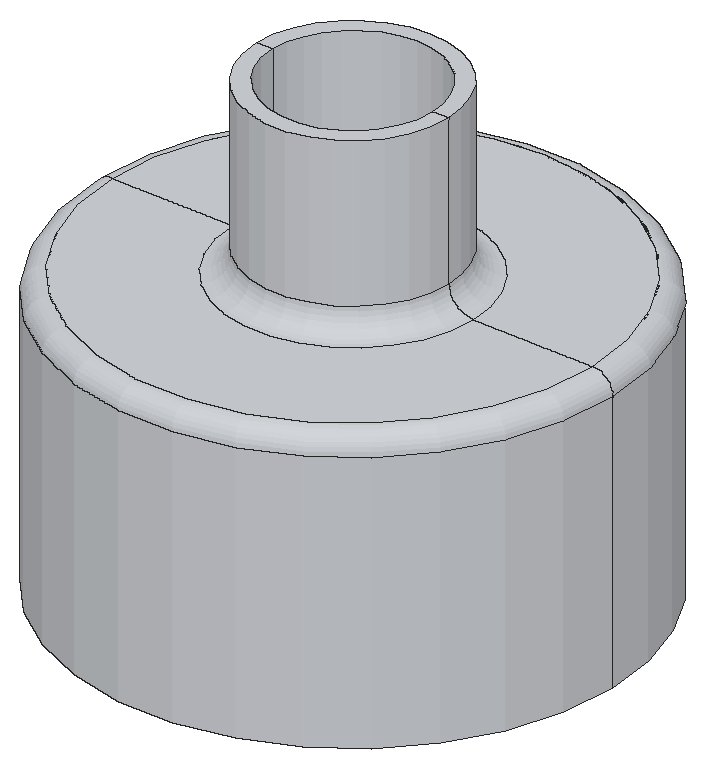
Revit family "TB11G", category Generic Models, Revit 2017
Family settings
  Can host rebar = No
  Round Connector Dimension = Use Diameter
  Part Type = Normal
  Work Plane-Based = Yes
  Always vertical = No
  Cut with Voids When Loaded = No
  Shared = No
  Room Calculation Point = No
Parameters (values of type "NBS Standard Parameters")
  Weight = "0.27Kg"
  WarrantyStartDate [instance] = "1900-12-31T23:59:59"
  WarrantyGuarantorParts = "n/a"
  WarrantyGuarantorLabor = "n/a"
  WarrantyDurationUnit = "1 year"
  WarrantyDurationParts = "n/a"
  WarrantyDurationLabor = "n/a"
  WarrantyDescription = "n/a"
  Version = "1"
  Uniclass2 = "Pr_65_70_11_20"
  TagNumber [instance] = "n/a"
  SustainabilityPerformance = "n/a"
  Size = "25mm"
  Shape = "Circular"
  SerialNumber [instance] = "n/a"
  Revision = "n/a"
  ReplacementCost = "n/a"
  ProductInformation = "www.metpro.co.uk/pdf/tb11g.pdf"
  NominalWidth = 66.5 mm
  NominalLength = 66.5 mm
  NominalHeight = 53.5 mm
  Name = ""
  NBSTypeID = ""
  NBSReference = "90-55-10/460"
  NBSOfficeMasterTag = ""
  NBSNote = ""
  NBSDescription = "Conduit Fittings"
  NBSCertification = ""
  ModelReference = "TB11G"
  ModelNumber = "n/a"
  Material = "Malleable Iron"
  ManufacturerURL = "www.metpro.co.uk"
  ManufacturerName = "Metpro Ltd"
  InstallationDate [instance] = "1900-12-31T23:59:59"
  IfcExportType = ""
  IfcExportAs = ""
  Grade = "n/a"
  Finish = "Galvanised"
  Features = "n/a"
  ExpectedLife = "n/a"
  DurationUnit = "year"
  Description = "TB11G - 25mm Back Outlet Malleable Conduit Box"
  Default Elevation = 1219.2 mm
  Constituents = "n/a"
  Color = "n/a"
  CodePerformance = "n/a"
  Category = "n/a"
  BarCode [instance] = "n/a"
  BIMObjectName = "Metpro_metprolibrary_conduitfittings_metalcomponent_malleablecircularbox"
  Author = "Metpro Ltd"
  AssetType = ""
  AssetIdentifier [instance] = "n/a"
  AccessibilityPerformance = "n/a"
Reference planes
  plane 1 "Center (Front/Back)": y = 0
  plane 2: z = 0
  plane 3 "Center (Left/Right)": x = 0
Forms (mm)
  Revolve 1, solid
    sketch origin (32.5, -19.504, 16.771) x (1, 0, 0) y (0, 0, -1)
      loop
        line (-32.5, 45.041) -> (-32.5, 12.5)
        arc (-32.5, 12.5) -> (-31.768, 10.732) -> (-30, 10) r 2.5
        line (-30, 10) -> (-15.03, 10)
        arc (-15.03, 10) -> (-12.909, 9.121) -> (-12.03, 7) r 3
        line (-12.03, 7) -> (-12.03, -11.5) -> (-10, -11.5) -> (-10, 10.411)
        arc (-10, 10.411) -> (-10.624, 11.917) -> (-12.131, 12.541) r 2.131
        line (-12.131, 12.541) -> (-27, 12.541)
        arc (-27, 12.541) -> (-29.121, 13.42) -> (-30, 15.541) r 3
        line (-30, 15.541) -> (-30, 45.041) -> (-32.5, 45.041)
      axis (0, -11.5) -> (0, 45.041)
    angle from 0 to 360
  Extrusion 2, solid
    sketch origin (32.5, -19.504, -28.271) x (-1, 0, 0) y (0, 1, 0)
      loop
        arc (-21.577, 13.805) -> (-16.02, 13.887) -> (-15.821, 19.441) r 4.033
        line (-15.821, 19.441) -> (-19.326, 22.946)
        arc (-19.326, 22.946) -> (-22.235, 20.14) -> (-24.74, 16.968) r 30
        line (-24.74, 16.968) -> (-21.577, 13.805)
      loop
        circle (-18.842, 16.769) r 1.752
      loop
        line (13.805, -21.577) -> (16.968, -24.74)
        arc (16.968, -24.74) -> (20.14, -22.235) -> (22.946, -19.326) r 30
        line (22.946, -19.326) -> (19.441, -15.821)
        arc (19.441, -15.821) -> (13.887, -16.02) -> (13.805, -21.577) r 4.033
      loop
        circle (16.769, -18.842) r 1.752
    from -2.782 to 0
Dimensions and locks
  aligned and locked: level to plane 2
